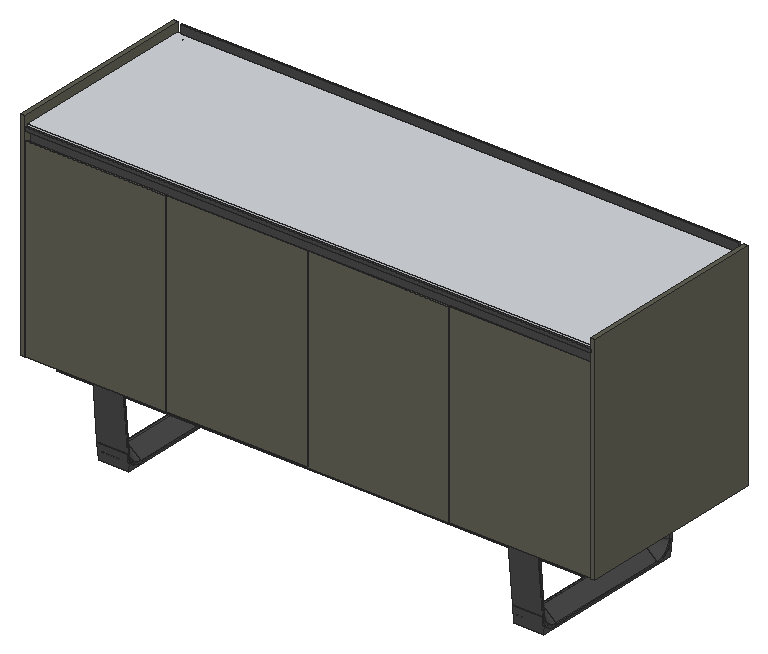
Revit family "Storage-Teknion-CW2Y_C+D_Two_Storage_Credenza_36_Height_Elevated_Base-R2020", category Furniture, Revit 2020 (continued)
Automatic sketch dimensions
  Revolve 22 sketch curve to Revolve 22 sketch curve = 0.000"
  Revolve 23 sketch curve to Revolve 23 sketch curve = 0.045"
  Revolve 24 sketch curve to Revolve 24 sketch curve = 0.045"
  Revolve 25 sketch curve to Revolve 25 sketch curve = 0.045"
  Sweep 26 sketch curve to plane 10 = 0.90373"
  plane 9 to Sweep 26 sketch curve = 0.90373"
  level to Sweep 26 sketch curve = 0.22859"
  Sweep 26 sketch curve to profile plane = 0.000"
  Sweep 26 sketch curve to Sweep 26 sketch curve = 0.00209"
  Sweep 26 sketch curve to Sweep 26 sketch curve = 0.04629"
  Sweep 26 sketch curve to Sweep 26 sketch curve = 0.15188"
  Sweep 27 sketch curve to plane 10 = 0.90373"
  plane 9 to Sweep 27 sketch curve = 0.90373"
  Sweep 27 sketch curve to Sweep 27 sketch curve = 0.00209"  (x2)
  Sweep 27 sketch curve to Sweep 27 sketch curve = 0.15188"
  Sweep 30 sketch curve to Sweep 30 sketch curve = 0.250"  (x4)
  Sweep 31 sketch curve to Sweep 31 sketch curve = 0.250"  (x3)
  Sweep 31 sketch curve to profile plane = 1.250"
  Masking region 1 sketch curve to plane 14 = 0.02953"
  Masking region 1 sketch curve to plane 6 "Back" = 0.05906"
  plane 7 "Front" to curve 98 = 2.000"
  curve 97 to curve 98 = 2.000"
  plane 7 "Front" to curve 100 = 2.000"
  curve 97 to curve 100 = 2.000"
  plane 7 "Front" to curve 3 = 0.000"
  plane 7 "Front" to curve 1 = 0.000"
  curve 5 to plane 6 "Back" = 0.000"
  curve 11 to plane 6 "Back" = 0.000"
  curve 1 to plane 6 "Back" = 0.000"
  curve 3 to plane 6 "Back" = 0.000"
  curve 6 to plane 6 "Back" = 0.000"
  curve 36 to curve 21 = 0.5853"
  plane 1 "Center Front/Back" to curve 60 = 1.98365"
  curve 64 to plane 1 "Center Front/Back" = 1.77772"
  curve 38 to plane 1 "Center Front/Back" = 1.87468"
  curve 39 to plane 1 "Center Front/Back" = 1.93624"
  curve 65 to curve 66 = 0.00085"
  curve 68 to curve 67 = 0.00085"
  curve 67 to curve 68 = 0.00085"
  curve 66 to curve 65 = 0.00085"
  curve 69 to curve 70 = 0.00086"
  curve 72 to curve 71 = 0.00086"
  curve 70 to curve 69 = 0.00085"
  curve 71 to curve 72 = 0.00085"
  curve 8 to plane 15 = 0.47047"
  curve 12 to curve 5 = 0.000"
  curve 82 to plane 7 "Front" = 0.03937"
  curve 96 to plane 7 "Front" = 0.03937"
  curve 83 to plane 7 "Front" = 0.03937"
  curve 84 to plane 7 "Front" = 0.03937"
  curve 80 to curve 96 = 0.000"
  curve 78 to plane 7 "Front" = 0.03937"
  curve 73 to plane 7 "Front" = 0.03937"
  curve 94 to curve 83 = 0.000"
  curve 74 to plane 7 "Front" = 0.03937"
  curve 93 to curve 84 = 0.000"
  curve 85 to curve 84 = 0.000"
  curve 76 to plane 7 "Front" = 0.03937"
  curve 87 to curve 73 = 0.000"
  curve 91 to curve 73 = 0.000"
  curve 90 to curve 83 = 0.000"
  curve 88 to curve 80 = 0.000"
  Sweep 1 sketch curve to plane 14 = 0.02953"
  Sweep 19 sketch curve to profile plane = 0.6063"
  Sweep 7 sketch curve to profile plane = 0.000"
  Sweep 7 sketch curve to Sweep 7 sketch curve = 0.11811"
  Sweep 20 sketch curve to profile plane = 0.6063"
  Sweep 8 sketch curve to Sweep 8 sketch curve = 0.11811"
  Sweep 9 sketch curve to Sweep 9 sketch curve = 0.11811"
  Sweep 10 sketch curve to Sweep 10 sketch curve = 0.6063"
  Sweep 10 sketch curve to Sweep 10 sketch curve = 0.11811"
  Sweep 12 sketch curve to Sweep 12 sketch curve = 0.6063"
  Sweep 12 sketch curve to Sweep 12 sketch curve = 0.11811"
Nested families (in)
  nested 1: "Teknion_2D_Node_Family-R2020" at (-6, 2, 0) x (0.7071, 0.7071, 0) z (0, 0, 1), visible <- "24 2D Node", type "Teknion_2D_Node_Family-R2020"
  nested 2: "Teknion_2D_Node_Family-R2020" at (66, 2, 0) x (0.7071, 0.7071, 0) z (0, 0, 1), visible <- "24 2D Node", type "Teknion_2D_Node_Family-R2020"
  nested 3: "Teknion_2D_Node_Family-R2020" at (-6, -22, 0) x (0.7071, -0.7071, 0) z (0, 0, 1), visible <- "24 2D Node", type "Teknion_2D_Node_Family-R2020"
  nested 4: "Teknion_2D_Node_Family-R2020" at (66, -22, 0) x (0.7071, -0.7071, 0) z (0, 0, 1), visible <- "24 2D Node", type "Teknion_2D_Node_Family-R2020"
  nested 5: "Teknion_2D_Node_Family-R2020" at (-6, 0, 0) x (0.7071, 0.7071, 0) z (0, 0, 1), visible <- "20 2D Node", type "Teknion_2D_Node_Family-R2020"
  nested 6: "Teknion_2D_Node_Family-R2020" at (-6, -20, 0) x (0.7071, 0.7071, 0) z (0, 0, 1), visible <- "20 2D Node", type "Teknion_2D_Node_Family-R2020"
  nested 7: "Teknion_2D_Node_Family-R2020" at (66, -20, 0) x (0.7071, 0.7071, 0) z (0, 0, 1), visible <- "20 2D Node", type "Teknion_2D_Node_Family-R2020"
  nested 8: "Teknion_2D_Node_Family-R2020" at (66, 0, 0) x (0.7071, 0.7071, 0) z (0, 0, 1), visible <- "20 2D Node", type "Teknion_2D_Node_Family-R2020"
  nested 9: "Teknion_2D_Node_Family-R2020" at (30, 2, 0), visible <- "Middle 2D Node", type "Teknion_2D_Node_Family-R2020"
  nested 10: "Door-Swing_Symbol-Teknion-2D" at (3.41943, -21.23622, 0) x (-1, 0, 0) z (0, 0, 1), Swing Width <- "Door Size", visible <- "2D Left Door Swing", type "Standard", detail levels fine
    with Swing Width 17.642", Door Thickness 0.724"
  nested 11: "Door-Swing_Symbol-Teknion-2D" at (21.13963, -21.23622, 0), Swing Width <- "Door Size", visible <- "2D Left Door Swing", type "Standard", detail levels fine
    with Swing Width 17.642", Door Thickness 0.724"
  nested 12: "Door-Swing_Symbol-Teknion-2D" at (38.86037, -21.23622, 0) x (-1, 0, 0) z (0, 0, 1), Swing Width <- "Door Size", visible <- "2D Right Door Swing", type "Standard", detail levels fine
    with Swing Width 17.642", Door Thickness 0.724"
  nested 13: "Door-Swing_Symbol-Teknion-2D" at (56.58057, -21.23622, 0), Swing Width <- "Door Size", visible <- "2D Right Door Swing", type "Standard", detail levels fine
    with Swing Width 17.642", Door Thickness 0.724"
Definition of nested family "Teknion_2D_Node_Family-R2020"
  Reference planes (in)
    plane 1 "Center (Front/Back)": y = 0
    plane 2: z = 0
    plane 3 "Center (Left/Right)": x = 0
  Lines and regions (in)
    detail lines, in view "Ref. Level"
      curve 1: circle (0, 0, 0) r 1.25 normal (0, 0, 1)
      curve 2: line (1.91508, -1.91508, 0) -> (-1.91508, 1.91508, 0)
      curve 3: line (-1.91508, -1.91508, 0) -> (1.91508, 1.91508, 0)
Definition of nested family "Door-Swing_Symbol-Teknion-2D"
  Parameters (values of type "Standard")
    Swing Width [instance] = 26.000"
    Door Thickness [instance] = 2.000"
    Assembly Code = ""
  Reference planes (in)
    plane 1 "Center (Front/Back)": y = 0
    plane 2: z = 0
    plane 3 "Center (Left/Right)": x = 0
    plane 4: x = -13
    plane 5: x = 13
  Lines and regions (in)
    Masking region 1, in view "Ref. Level"
      outline origin (0, 0, 0) x (1, 0, 0) y (0, 1, 0)
        loop
          line (11, 0) -> (11, -26) -> (13, -26) -> (13, 0) -> (11, 0)
    detail lines, in view "Ref. Level"
      curve 1: line (13, 0, 0) -> (13, -26, 0)
      curve 2: arc (-13, 0, 0) -> (-5.38478, -18.38478, 0) -> (13, -26, 0) r 26
  Dimensions and locks (in)
    equal spacing: plane 4, plane 3 "Center (Left/Right)", plane 5
    "Swing Width": plane 4 to plane 5
    "Swing Width": curve 1 to plane 1 "Center (Front/Back)"
    "Swing Width": Masking region 1 sketch curve to Masking region 1 sketch curve
    "Door Thickness": Masking region 1 sketch curve to Masking region 1 sketch curve
    "Swing Width": radius of curve 2
    aligned and locked: plane 1 "Center (Front/Back)" to curve 1
    aligned and locked: plane 1 "Center (Front/Back)" to Masking region 1 sketch curve
    aligned and locked: Masking region 1 sketch curve to plane 5
  Automatic sketch dimensions
    curve 2 to plane 4 = 0.000"
Types (5): name | Width | Top Finish | Right Waste | Right V&A Cut out | Right V&A 2D Lines | Right Double Door | 2D Right Door Swing | Left Waste | Left V&A Cut Out | Left V&A 2D Lines | Left Double Door | 2D Left Door Swing | Door Size | Description | Case Finish | 24 2D Node | 20 2D Node | (WA) Left Waste , Right A/V | (CW) Left Closed Storage , Right Waste | Model | (CA) Left Closed Storage , Right A/V | (VC) Left A/V with Upper Drawer , Right Closed Storage | Depth
  (no name) | 72.000" | none | no | 8.000" | no | yes | yes | no | 15.000" | yes | yes | yes | 17.642" | "C+D Two Storage Credenza, 36\" Height, Elevated Based, 24\" Depth, 72\" Width" | Veneer - Teknion - VP - Chia | yes | no | no | no | "CW2Y_2472" | no | yes | 24.000"
  20D x 60W | 60.000" | Veneer -Teknion - UR - Rustic Oak - Natural | yes | 8.000" | no | no | no | no | 8.000" | no | yes | yes | 14.642" | "C+D Two Storage Credenza, 36\" Height, Elevated Based, 20\" Depth, 60\" Width" | Veneer -Teknion - UR - Rustic Oak - Natural | no | yes | no | yes | "CW2Y_2060" | no | no | 20.000"
  20D x 72W | 72.000" | Back-painted Glass - BQ - Teknion - Anthracite | no | 15.000" | yes | yes | yes | no | 8.000" | no | yes | yes | 17.642" | "C+D Two Storage Credenza, 36\" Height, Elevated Based, 20\" Depth, 72\" Width" | Veneer - Teknion - VJ - Bistre | no | yes | no | no | "CW2Y_2072" | yes | no | 20.000"
  24D x 72W | 72.000" | none | no | 8.000" | no | yes | yes | no | 15.000" | yes | yes | yes | 17.642" | "C+D Two Storage Credenza, 36\" Height, Elevated Based, 24\" Depth, 72\" Width" | Veneer - Teknion - VP - Chia | yes | no | no | no | "CW2Y_2472" | no | yes | 24.000"
  24D x 60W | 60.000" | Laminate - StudioTK - RY - White Solid Core | no | 15.000" | yes | yes | yes | yes | 8.000" | no | no | no | 14.642" | "C+D Two Storage Credenza, 36\" Height, Elevated Based, 24\" Depth, 60\" Width" | Veneer - Teknion - VP - Chia | yes | no | yes | no | "CW2Y_2460" | no | no | 24.000"
